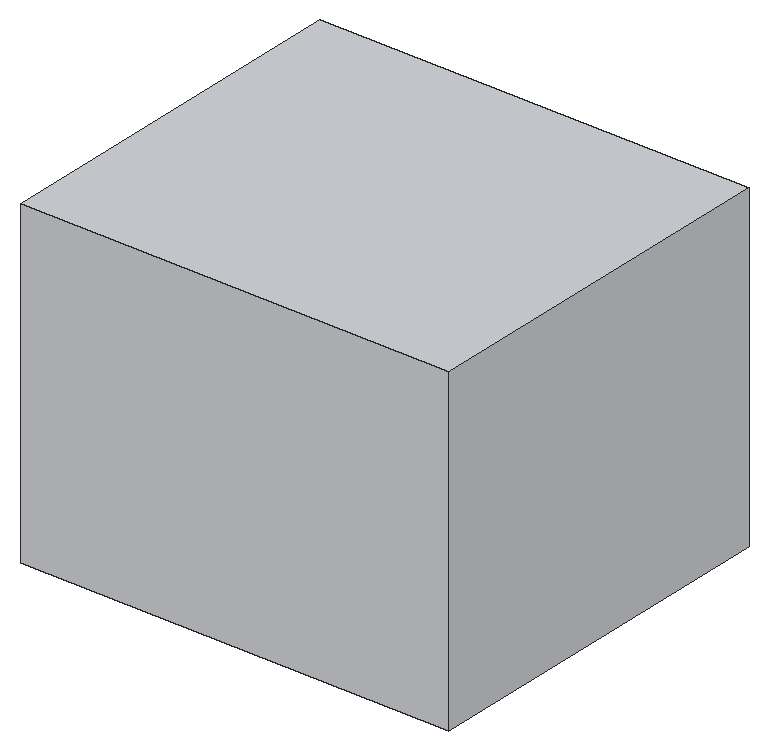
Revit family "Chair", category Furniture, Revit 2019
Family settings
  OmniClass Number = 23.40.20.00
  OmniClass Title = General Furniture and Specialties
  Work Plane-Based = No
  Always vertical = Yes
  Cut with Voids When Loaded = No
  Shared = No
  Room Calculation Point = No
Reference planes (in)
  plane 1 "Center Front/Back": y = 0
  plane 2: z = 0
  plane 3 "Center Left/Right": x = 0
Forms (in)
  Extrusion 1, solid
    sketch origin (0, 0, 0) x (1, 0, 0) y (0, 1, 0)
      loop
        line (-7.00963, 8.37261) -> (-7.00963, -5.62739) -> (8.99037, -5.62739) -> (8.99037, 8.37261) -> (-7.00963, 8.37261)
    from 0 to 12
Dimensions and locks (in)
  aligned and locked: level to plane 2
